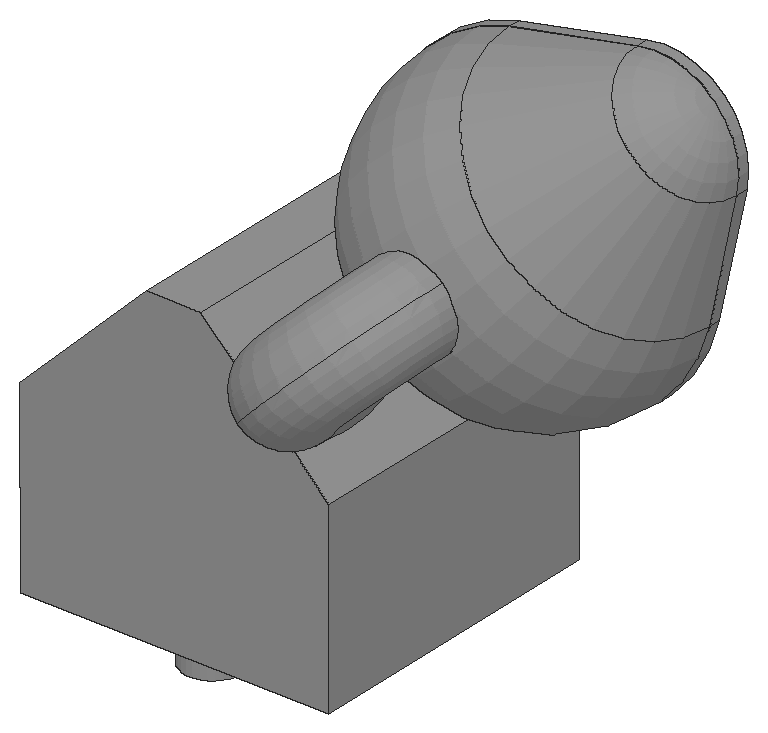
Revit family "Toilet-Willoughby-1445-ETW-R-OF-BS-HC", category Plumbing Fixtures, host Face, Revit 2014
Parameters (values of type "Standard")
  Waste DIA = 2 1/2"
  Waste Connection = yes
  Vent Connection = no
  URL = "www.willoughby-ind.com"
  Type Comments = "Blow Out Series"
  Revision = "A"
  Model = "ETW-1445-R-OF-BS"
  Manufacturer = "Willoughby Industries"
  HW Connection = no
  Flush Inlet DIA = 1 1/2"
  Flush Inlet Connection = yes
  Fixture Body = Stainless Steel AISI 304-Willoughby
  Description = "Floor Mount Toilet"
  Default Elevation = 0' - 0"
  Contact = "(800) 428-4065"
  CW Connection = no
Reference planes (in)
  plane 1 "Center (Front/Back)": y = 0
  plane 2: z = 0
  plane 3 "Center (Left/Right)": x = 0
  plane 4: z = 7.875
  plane 5: z = 13.25
  plane 6: z = 7.9375
  plane 7: x = 6.5
  plane 8: x = -6.5
  plane 9: y = 10.75
  plane 10: y = 5.75
  plane 11: x = 2.5
  plane 12: x = -6.5
  plane 13: x = 6.5
  plane 14: y = 17.5
  plane 15: y = 18
  plane 16: y = 10.75
  plane 17: y = 5.75
  plane 18: y = 14.5
  plane 19: x = -2.5
  plane 20: y = 19.75
  plane 21: through (1.125, 0, 13.25) normal (-0.7071, 0, -0.7071)
  plane 22: through (25.64078, 0, 13.48296) normal (0.7071, 0, 0.7071)
  plane 23: through (18.61391, 0, 6.45608) normal (0.7071, 0, 0.7071)
  plane 24: through (23.16591, 0, 11.00808) normal (0.7071, 0, 0.7071)
  plane 25: through (23.69624, 0, 11.53841) normal (0.7071, 0, 0.7071)
  plane 26: through (3.8125, 0, 10.5625) normal (0.7071, 0, -0.7071)
  plane 27: y = 22.5
  plane 28: y = 9.3125
Forms (in)
  Extrusion 1, solid, material "Stainless Steel AISI 304-Willoughby" <- "Fixture Body"
    sketch origin (0, 0, 0) x (-1, 0, 0) y (0, 0, -1)
      loop
        line (6.5, 0) -> (-6.5, 0) -> (-6.5, -7.875) -> (-1.125, -13.25) -> (1.1875, -13.25) -> (6.5, -7.9375) -> (6.5, 0)
    from -9.3125 to -22.5
  Revolve 2, solid, material "Stainless Steel AISI 304-Willoughby" <- "Fixture Body"
    sketch origin (0, 17.5, -24) x (0, 0, -1) y (1, 0, 0)
      loop
        line (-34.96025, 4.21025) -> (-35.3138, 4.5638)
        arc (-35.3138, 4.5638) -> (-41.70001, 2.91133) -> (-46.24264, 7.69451) r 6.5
        line (-46.24264, 7.69451) -> (-47.40172, 13.05189)
        arc (-47.40172, 13.05189) -> (-47.34706, 14.54692) -> (-46.58332, 15.83332) r 3.028
        line (-46.58332, 15.83332) -> (-46.93687, 16.18687)
        arc (-46.93687, 16.18687) -> (-47.82672, 14.68806) -> (-47.89042, 12.94616) r 3.528
        line (-47.89042, 12.94616) -> (-46.73059, 7.58534)
        arc (-46.73059, 7.58534) -> (-41.83946, 2.43116) -> (-34.96025, 4.21025) r 7
      axis (-46.93687, 16.18687) -> (-34.96025, 4.21025)
    angle from 0 to 180
  Extrusion 3, solid, material "Stainless Steel AISI 304-Willoughby" <- "Fixture Body"
    sketch origin (0, 0, 0) x (-1, 0, 0) y (0, 0, -1)
      loop
        arc (-7.58534, -22.73059) -> (-3.25249, -19.66517) -> (-2.31589, -14.44089) r 7
        line (-2.31589, -14.44089) -> (-1.125, -13.25) -> (-6.5, -7.875) -> (-7.69089, -9.06589)
        arc (-7.69089, -9.06589) -> (-12.91517, -10.00249) -> (-15.98059, -14.33534) r 7
        line (-15.98059, -14.33534) -> (-17.14042, -19.69616)
        arc (-17.14042, -19.69616) -> (-16.18687, -22.93687) -> (-12.94616, -23.89042) r 3.528
        line (-12.94616, -23.89042) -> (-7.58534, -22.73059)
      loop
        line (-13.68989, -22.39979) -> (-7.23238, -19.8652)
        arc (-7.23238, -19.8652) -> (-4.45388, -16.56855) -> (-5.68739, -12.43739) r 4.536
        arc (-5.68739, -12.43739) -> (-9.82127, -11.20445) -> (-13.11724, -13.98756) r 4.536
        line (-13.11724, -13.98756) -> (-15.6539, -20.45047)
        arc (-15.6539, -20.45047) -> (-15.72128, -21.30669) -> (-15.31147, -22.06147) r 1.512
        arc (-15.31147, -22.06147) -> (-14.55113, -22.47245) -> (-13.68989, -22.39979) r 1.512
    from -17.5 to -18
  Sweep 4, solid, material "Stainless Steel AISI 304-Willoughby" <- "Fixture Body"
    path origin (-7.33182, 0.22373, -0.58182) x (0, 1, 0) y (-0.707107, 0, -0.707107)
      loop
        arc (10.75, -22.78635) -> (7.84927, -20.55171) -> (9.26993, -17.17687) r 3
        line (9.26993, -17.17687) -> (17.28066, -12.55187)
    profile origin (7.20044, 8.073, 13.95044) x (0.180398, -0.966909, 0.180398) y (-0.707107, 0, 0.707107)
      loop
        circle (0, 0) r 2
  Revolve 5, solid, material "Stainless Steel AISI 304-Willoughby" <- "Fixture Body"
    sketch origin (0, 14.5, -24) x (0, 0, -1) y (1, 0, 0)
      loop
        line (-20.5, -2.5) -> (-20.5, -1.25) -> (-24.5, -1.25) -> (-24.5, -2.5) -> (-20.5, -2.5)
      axis (-20.5, -2.5) -> (-24.5, -2.5)
    angle from 0 to 360
  Revolve 6, solid, material "Stainless Steel AISI 304-Willoughby" <- "Fixture Body"
    sketch origin (0, 19.75, -24) x (0, 0, -1) y (1, 0, 0)
      loop
        line (-20.5, -2.5) -> (-20.5, -1.75) -> (-24.5, -1.75) -> (-24.5, -2.5) -> (-20.5, -2.5)
      axis (-20.5, -2.5) -> (-24.5, -2.5)
    angle from 0 to 360
Cuts and joins
  joined: Extrusion 1, Extrusion 3, Sweep 4
Lines and regions (in)
  symbolic lines
    curve 1: line (6.5, 9.3125, 0) -> (-6.5, 9.3125, 0)
    curve 2: line (-6.5, 9.3125, 0) -> (-6.5, 22.5, 0)
    curve 3: line (-6.5, 22.5, 0) -> (6.5, 22.5, 0)
    curve 4: line (6.5, 22.5, 0) -> (6.5, 9.3125, 0)
    curve 5: line (2.16, 17.5, 0) -> (1.125, 17.5, 0)
    curve 6: line (1.125, 17.5, 0) -> (1.125, 18, 0)
    curve 7: line (1.125, 18, 0) -> (17.2202, 18, 0)
    curve 8: line (17.2202, 18, 0) -> (17.2202, 17.5, 0)
    curve 9: arc (17.2202, 17.5, 0) -> (17.04444, 16.3903, 0) -> (16.53437, 15.38923, 0) r 3.59105
    curve 10: line (16.53437, 15.38923, 0) -> (14.44531, 12.89959, 0)
    curve 11: arc (14.44531, 12.89959, 0) -> (12.77158, 11.50894, 0) -> (10.75795, 10.684, 0) r 7.17498
    curve 12: arc (10.75795, 10.684, 0) -> (10.52673, 9.18615, 0) -> (9.88083, 7.81509, 0) r 5.29723
    curve 13: arc (9.88083, 7.81509, 0) -> (8.42014, 6.46364, 0) -> (6.5, 5.94106, 0) r 4.17861
    curve 14: arc (6.5, 5.94106, 0) -> (4.9915, 6.41131, 0) -> (3.7581, 7.39895, 0) r 4.26076
    curve 15: arc (3.7581, 7.39895, 0) -> (3.14583, 8.29906, 0) -> (2.74834, 9.3125, 0) r 4.87995
    curve 16: arc (2.74834, 9.3125, 0) -> (2.39656, 11.98232, 0) -> (2.74834, 14.65214, 0) r 10.30722
    curve 17: arc (2.16, 17.5, 0) -> (2.55439, 15.22574, 0) -> (3.64378, 13.19078, 0) r 7.24833
    curve 18: arc (3.64378, 13.19078, 0) -> (5.04529, 11.82127, 0) -> (6.78086, 10.91156, 0) r 6.7563
    curve 19: arc (6.78086, 10.91156, 0) -> (8.76341, 10.69299, 0) -> (10.75795, 10.684, 0) r 18.95223
    curve 20: arc (6.78086, 10.91156, 0) -> (6.75096, 10.58281, 0) -> (6.65553, 10.2668, 0) r 1.63231
    curve 21: line (6.31497, 11.09457, 0) -> (6.65553, 10.2668, 0)
    curve 22: line (-6.5, 0, 0) -> (6.5, 0, 0)
    curve 23: line (6.5, 0, 0) -> (6.5, 0, 7.875)
    curve 24: line (6.5, 0, 7.875) -> (1.125, 0, 13.25)
    curve 25: line (1.125, 0, 13.25) -> (-1.1875, 0, 13.25)
    curve 26: line (-1.1875, 0, 13.25) -> (-6.5, 0, 7.9375)
    curve 27: line (-6.5, 0, 7.9375) -> (-6.5, 0, 0)
    curve 28: line (1.125, 0, 13.25) -> (2.31589, 0, 14.44089)
    curve 29: line (6.5, 0, 7.875) -> (7.69089, 0, 9.06589)
    curve 30: arc (2.31589, 0, 14.44089) -> (3.25249, 0, 19.66517) -> (7.58534, 0, 22.73059) r 7
    curve 31: line (7.58534, 0, 22.73059) -> (12.94616, 0, 23.89042)
    curve 32: arc (12.94616, 0, 23.89042) -> (14.68806, 0, 23.82672) -> (16.18687, 0, 22.93687) r 3.528
    curve 33: arc (16.18687, 0, 22.93687) -> (17.07672, 0, 21.43806) -> (17.14042, 0, 19.69616) r 3.528
    curve 34: line (17.14042, 0, 19.69616) -> (16.00188, 0, 14.43062)
    curve 35: arc (16.00188, 0, 14.43062) -> (9.15474, 0, 8.91) -> (2.31589, 0, 14.44089) r 7
    curve 41: line (0, 22.5, 0) -> (0, 9.3125, 0)
    curve 42: line (0, 9.3125, 0) -> (0, 9.3125, 13.25)
    curve 43: line (0, 22.5, 0) -> (0, 22.5, 13.25)
    curve 44: line (0, 22.5, 13.25) -> (0, 9.3125, 13.25)
    curve 45: line (0, 17.5, 8.91) -> (0, 17.5, 7.875)
    curve 46: line (0, 17.5, 7.875) -> (0, 18, 7.875)
    curve 47: line (0, 18, 7.875) -> (0, 18, 23.9702)
    curve 48: line (0, 18, 23.9702) -> (0, 17.5, 23.9702)
    curve 49: arc (0, 17.5, 23.9702) -> (0, 16.34779, 23.77738) -> (0, 15.32112, 23.21995) r 3.53908
    curve 50: line (0, 15.32112, 23.21995) -> (0, 12.72792, 21.04399)
    curve 51: arc (0, 12.72792, 21.04399) -> (0, 11.48259, 19.40816) -> (0, 10.68859, 17.51177) r 8.11051
    curve 52: arc (0, 10.68859, 17.51177) -> (0, 8.77497, 17.113) -> (0, 7.12142, 16.07054) r 5.50378
    curve 53: arc (0, 7.12142, 16.07054) -> (0, 6.06563, 14.26168) -> (0, 6.22162, 12.17306) r 3.52725
    curve 54: arc (0, 6.22162, 12.17306) -> (0, 7.43874, 10.4563) -> (0, 9.3125, 9.49834) r 4.41337
    curve 55: arc (0, 9.3125, 9.49834) -> (0, 11.98958, 9.13983) -> (0, 14.66666, 9.49834) r 10.17454
    curve 56: arc (0, 17.5, 8.91) -> (0, 15.4615, 9.22617) -> (0, 13.5947, 10.10397) r 7.24594
    curve 57: arc (0, 13.5947, 10.10397) -> (0, 11.97577, 11.59702) -> (0, 10.91872, 13.52906) r 6.80207
    curve 58: arc (0, 10.91872, 13.52906) -> (0, 10.69631, 15.51421) -> (0, 10.68859, 17.51177) r 18.55625
    curve 59: arc (0, 10.91872, 13.52906) -> (0, 10.58384, 13.49898) -> (0, 10.25887, 13.41271) r 1.9818
    curve 60: line (0, 10.25887, 13.41271) -> (0, 11.09732, 13.07396)
  symbolic lines, detail levels fine
    curve 36: arc (13.11724, 0, 13.98756) -> (5.6874, 0, 12.43738) -> (7.23753, 0, 19.86723) r 4.536
    curve 37: line (7.23753, 0, 19.86723) -> (13.7536, 0, 22.4248)
    curve 38: arc (13.7536, 0, 22.4248) -> (14.58905, 0, 22.48544) -> (15.31147, 0, 22.06147) r 1.41004
    curve 39: arc (15.31147, 0, 22.06147) -> (15.70088, 0, 21.30235) -> (15.6539, 0, 20.45047) r 1.63154
    curve 40: line (15.6539, 0, 20.45047) -> (13.11724, 0, 13.98756)
Dimensions and locks (in)
  plane 8 to plane 7 = 1' - 1"
  Extrusion 1 to plane 1 "Center (Front/Back)" = 1' - 10 1/2"
  plane 15 to plane 1 "Center (Front/Back)" = 1' - 6"
  plane 1 "Center (Front/Back)" to plane 18 = 1' - 2 1/2"
  plane 1 "Center (Front/Back)" to plane 20 = 1' - 7 3/4"
  plane 13 to plane 12 = 1' - 1"
  plane 19 to plane 12 = 0' - 4"
  plane 1 "Center (Front/Back)" to plane 28 = 0' - 9 5/16"
  plane 28 to plane 18 = 0' - 5 3/16"
  plane 20 to plane 18 = 0' - 5 1/4"
  aligned and locked: plane 2 to host face
  aligned and locked: level to host face
  aligned and locked: plane 13 to Extrusion 1
  aligned and locked: Extrusion 1 to plane 12
  aligned and locked: plane 28 to Extrusion 1
Connectors (in)
  piping at (-2.5, 14.5, -3.5), diameter 2.5, driven by "Waste Connection"
    settings: on Revolve 5, index 3, connector inside diameter 24", connector length 0' - 0", flow factor 0, pipe flow 1.6 GPM, pressure drop 0.00 psi, fitting loss kfactor 0, connector angle 0.00°, fixture units 0, engagement length 0' - 0", angle of deflection 0.00°, flow configuration 0, flow direction 2, fitting loss method 0, system type 16, joint type 0, gender type 0, connector reference index -1, connector utility 1, adjustable connector no, is connector primary yes, connector description ""
  piping at (-2.5, 19.75, -3.5), diameter 1.5, driven by "Flush Inlet Connection"
    settings: on Revolve 6, index 4, connector inside diameter 24", connector length 0' - 0", flow factor 0, pipe flow 0 GPM, pressure drop 0.00 psi, fitting loss kfactor 0, connector angle 0.00°, fixture units 0, engagement length 0' - 0", angle of deflection 0.00°, flow configuration 0, flow direction 1, fitting loss method 0, system type 20, joint type 0, gender type 0, connector reference index -1, connector utility 1, adjustable connector no, is connector primary no, connector description ""
